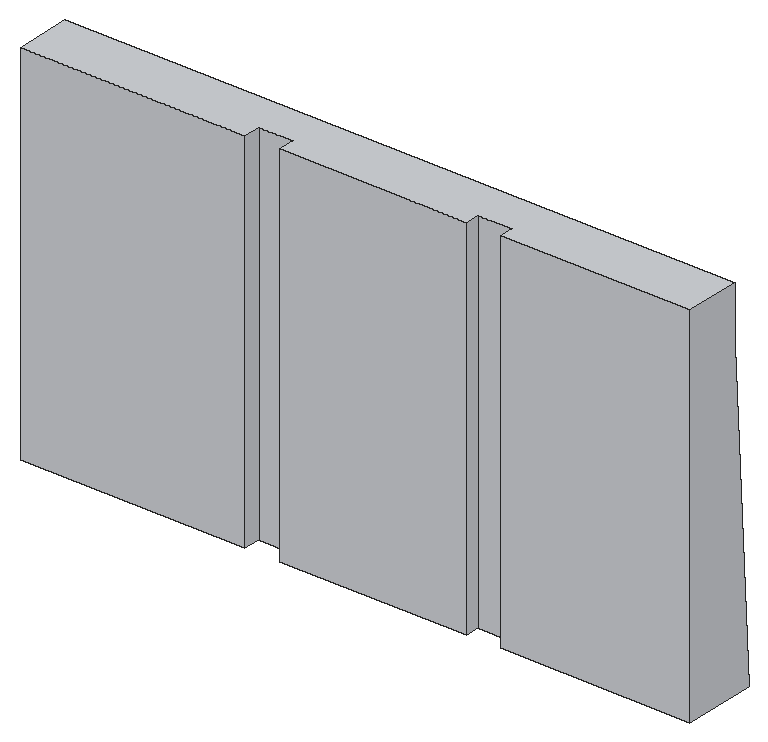
Revit family "闸墩 - 边墩", category 结构柱, Revit 2019
Family settings
  横断面形状 = 未定义
  用于模型行为的材质 = 其他
  始终导出为几何图形 = 否
  平面中的梁缩进 = 从边界框
  OmniClass 编号 = 23.25.30.11.14.11
  OmniClass 标题 = Columns
  加载时剪切的空心 = 否
  符号表示法 = 从族
  共享 = 否
  在平面视图中显示族的预剪切 = 是
Parameters (values of type "边墩 - C25")
  高 [instance] = 6620 mm
  边墩顶宽 = 1000 mm
  槽2深 = 250 mm
  槽2宽 = 600 mm
  槽2位置 = 8000 mm
  槽1深 = 300 mm
  槽1宽 = 620 mm
  槽1位置 = 4030 mm
  斜墙高 = 5620 mm
  边墩底宽 = 1300 mm
  边墩长度 = 12000 mm
  型号 = "\"LOCK_CHAMBER_PIER_SIDE\""
Reference planes
  plane 1 "中心(前/后)": y = 0
  plane 2: z = 0
  plane 3 "中心(左/右)": x = 0
  plane 4 "左": x = -6000
  plane 5 "右": x = 6000
  plane 6 "后": y = 650
  plane 7 "前": y = -650
  plane 8: z = 5620
  plane 9: y = 350
  plane 10: x = -1970
  plane 11: x = 2000
  plane 12: x = -1350
  plane 13: x = 2600
  plane 14: y = -350
  plane 15: y = -400
Forms (mm)
  Extrusion 1, solid
    sketch origin (-6000, 0, 0) x (0, -1, 0) y (0, 0, 1)
      loop
        line (-650, 0) -> (650, 0) -> (650, 6620) -> (-350, 6620) -> (-350, 5620) -> (-650, 0)
    from -12000 to 0
  Extrusion 2, void
    sketch origin (0, 0, 0) x (1, 0, 0) y (0, 1, 0)
      loop
        line (-1970, -350) -> (-1970, -650) -> (-1350, -650) -> (-1350, -350) -> (-1970, -350)
      loop
        line (2000, -400) -> (2000, -650) -> (2600, -650) -> (2600, -400) -> (2000, -400)
    from 0 to 6620
Cuts and joins
  Extrusion 2 cuts Extrusion 1
Dimensions and locks
  "边墩长度": plane 4 "左" to plane 5 "右"
  "边墩底宽": plane 7 "前" to plane 6 "后"
  equal spacing: plane 4 "左", plane 3 "中心(左/右)", plane 5 "右"
  equal spacing: plane 7 "前", plane 1 "中心(前/后)", plane 6 "后"
  plane 8 to level = 5620 mm
  "边墩顶宽": plane 7 "前" to plane 9
  "斜墙高": plane 8 to level
  "槽1位置": plane 4 "左" to plane 10
  "槽2位置": plane 4 "左" to plane 11
  "槽1宽": plane 10 to plane 12
  "槽2宽": plane 11 to plane 13
  "槽1深": plane 7 "前" to plane 14
  "槽2深": plane 7 "前" to plane 15
  "高": level to level
  aligned and locked: level to plane 2
  aligned and locked: Extrusion 1 to plane 6 "后"
  aligned and locked: plane 7 "前" to Extrusion 1
  aligned and locked: Extrusion 1 to plane 5 "右"
  aligned and locked: plane 4 "左" to Extrusion 1
  aligned and locked: Extrusion 1 to level
  aligned and locked: level to Extrusion 1
  aligned and locked: plane 9 to Extrusion 1
  aligned and locked: Extrusion 2 sketch curve to plane 14
  aligned and locked: plane 10 to Extrusion 2 sketch curve
  aligned and locked: Extrusion 2 sketch curve to plane 7 "前"  (x2)
  aligned and locked: Extrusion 2 sketch curve to plane 12
  aligned and locked: Extrusion 2 sketch curve to plane 15
  aligned and locked: plane 11 to Extrusion 2 sketch curve
  aligned and locked: Extrusion 2 sketch curve to plane 13
  aligned and locked: level to cut or joined group of Extrusion 1, Extrusion 2
Automatic sketch dimensions
  Extrusion 1 sketch curve to level = 0 mm
  Extrusion 1 sketch curve to plane 6 "后" = 0 mm
  level to Extrusion 1 sketch curve = 0 mm
  Extrusion 1 sketch curve to plane 9 = 0 mm
  Extrusion 1 sketch curve to plane 7 "前" = 0 mm
  Extrusion 1 sketch curve to plane 8 = 0 mm
